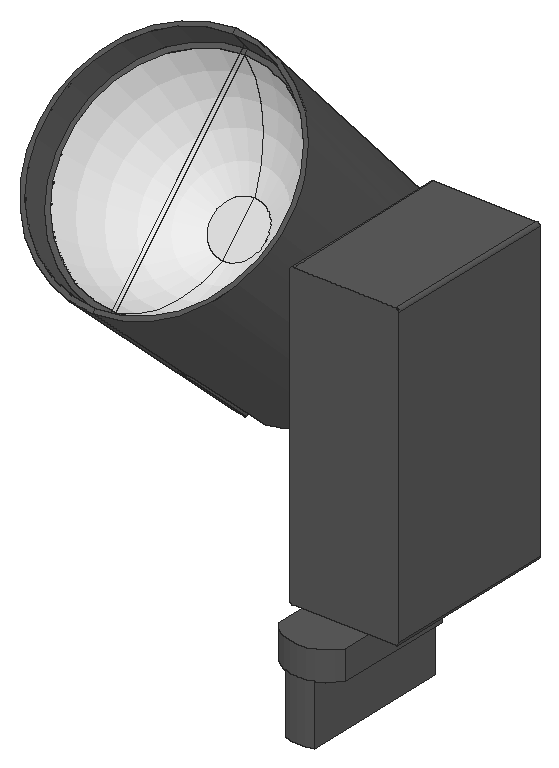
Revit family "0004856 Feilo Sylvania Lighting Fixture START TRACK SPOT L 55W 4K RA80 NB BLACK", category Lighting Fixtures, host Face, Revit 2017 (continued)
Definition of nested family "Start Track Spot Head"
  Types (96, lengths in mm): name | Wattage | built-in parameter 1150134 | Photometric Web File | Model | built-in parameter 1150105 | Lumens | built-in parameter 1150107 | built-in parameter 1150106 | HeadThickness_FEILO | HeadRibOffset_FEILO | HeadRibDepth_FEILO | HeadRibCutWidth_FEILO | HeadRibCutOffset_FEILO | HeadReflectorRadius_FEILO | HeadReflectorOffset_FEILO | HeadLEDRadius_FEILO | HeadHeight_FEILO | HeadDiffusorOffset_FEILO | HeadDiaOut_FEILO | HeadDiaIn_FEILO | HeadAxisFromTop_FEILO | Emit from Circle Diameter | built-in parameter 1150104 | Description | Apparent Load
    0004864 START TRACK SPOT S 24W 3K RA90 WB WHITE | 24 W | (empty or 0) | "0004864.ies" | "START TRACK SPOT S 24W 3K RA90 WB WHITE" | 152.79 (stored number, unit not read) | 1920 lm | 3000 (stored number, unit not read) | 1.5279 (stored number, unit not read) | 1.5 | 4.179 | 55.714 | 7.167 | 50.87 | 50.588 | 55.714 | 9.556 | 117 | 9.435 | 86 | 77.477 | 69.354 | 77.477 | 7.4322 (stored number, unit not read) | "Integrated LED spotlight, Textured White - RAL9016, compact and minimalist design, ideal for retail applications, die-cast aluminium body, passive cooling heatsink. Beam angle: 64°, color temperature: 3000K , total system power: 24W, total fixture output: 1928 lm, LOR: 100%, colour rendering: Ra: 90 typical, LED Chromaticity: 3 step MacAdam ellipse, lifetime: >50000 hours at L70B50, energy class: A++, A+, A, IR/UV free light source without heat radiation, operating voltage: 220-240V / 50-60Hz, drive current: 600mA, electronic driver, non-dimmable, power factor: 0.95, electrical protection: Class II, Global Track 3 Phase adapter suitable for Global trac 3-circuit tracks, ingress protection rating: IP20, suitable for internal environment only, horizontal rotation: 355°, vertical tilt: 90°, dimensions: Ø86x140x200, weight: 0.966kg." | 24 VA
    0004863 START TRACK SPOT S 24W 3K RA90 MB WHITE | 24 W | (empty or 0) | "0004863.ies" | "START TRACK SPOT S 24W 3K RA90 MB WHITE" | 154.7 (stored number, unit not read) | 1944 lm | 3000 (stored number, unit not read) | 1.547 (stored number, unit not read) | 1.5 | 4.179 | 55.714 | 7.167 | 50.87 | 50.588 | 55.714 | 9.556 | 117 | 9.435 | 86 | 77.477 | 69.354 | 77.477 | 7.5251 (stored number, unit not read) | "Integrated LED spotlight, Textured White - RAL9016, compact and minimalist design, ideal for retail applications, die-cast aluminium body, passive cooling heatsink. Beam angle: 36°, color temperature: 3000K , total system power: 24W, total fixture output: 1944 lm, LOR: 100%, colour rendering: Ra: 90 typical, LED Chromaticity: 3 step MacAdam ellipse, lifetime: >50000 hours at L70B50, energy class: A++, A+, A, IR/UV free light source without heat radiation, operating voltage: 220-240V / 50-60Hz, drive current: 600mA, electronic driver, non-dimmable, power factor: 0.95, electrical protection: Class II, Global Track 3 Phase adapter suitable for Global trac 3-circuit tracks, ingress protection rating: IP20, suitable for internal environment only, horizontal rotation: 355°, vertical tilt: 90°, dimensions: Ø86x140x200, weight: 0.966kg." | 24 VA
    0004862 START TRACK SPOT S 24W 3K RA90 NB WHITE | 24 W | (empty or 0) | "0004862.ies" | "START TRACK SPOT S 24W 3K RA90 NB WHITE" | 158.52 (stored number, unit not read) | 1992 lm | 3000 (stored number, unit not read) | 1.5852 (stored number, unit not read) | 1.5 | 4.179 | 55.714 | 7.167 | 50.87 | 50.588 | 55.714 | 9.556 | 117 | 9.435 | 86 | 77.477 | 69.354 | 77.477 | 7.711 (stored number, unit not read) | "Integrated LED spotlight, Textured White - RAL9016, compact and minimalist design, ideal for retail applications, die-cast aluminium body, passive cooling heatsink. Beam angle: 12°, color temperature: 3000K , total system power: 24W, total fixture output: 1987 lm, LOR: 100%, colour rendering: Ra: 90 typical, LED Chromaticity: 3 step MacAdam ellipse, lifetime: >50000 hours at L70B50, energy class: A++, A+, A, IR/UV free light source without heat radiation, operating voltage: 220-240V / 50-60Hz, drive current: 600mA, electronic driver, non-dimmable, power factor: 0.95, electrical protection: Class II, Global Track 3 Phase adapter suitable for Global trac 3-circuit tracks, ingress protection rating: IP20, suitable for internal environment only, horizontal rotation: 355°, vertical tilt: 90°, dimensions: Ø86x140x200, weight: 0.966kg." | 24 VA
    0004861 START TRACK SPOT S 14W 3K RA90 WB WHITE | 14 W | (empty or 0) | "0004861.ies" | "START TRACK SPOT S 14W 3K RA90 WB WHITE" | 100.27 (stored number, unit not read) | 1260 lm | 3000 (stored number, unit not read) | 1.0027 (stored number, unit not read) | 1.5 | 4.179 | 55.714 | 7.167 | 50.87 | 50.588 | 55.714 | 9.556 | 117 | 9.435 | 86 | 77.477 | 69.354 | 77.477 | 8.3613 (stored number, unit not read) | "Integrated LED spotlight, Textured White - RAL9016, compact and minimalist design, ideal for retail applications, die-cast aluminium body, passive cooling heatsink. Beam angle: 64°, color temperature: 3000K , total system power: 14W, total fixture output: 1262 lm, LOR: 100%, colour rendering: Ra: 90 typical, LED Chromaticity: 3 step MacAdam ellipse, lifetime: >50000 hours at L70B50, energy class: A++, A+, A, IR/UV free light source without heat radiation, operating voltage: 220-240V / 50-60Hz, drive current: 350mA, electronic driver, non-dimmable, power factor: 0.92, electrical protection: Class II, Global Track 3 Phase adapter suitable for Global trac 3-circuit tracks, ingress protection rating: IP20, suitable for internal environment only, horizontal rotation: 355°, vertical tilt: 90°, dimensions: Ø86x140x200, weight: 0.940kg." | 14 VA
    0004860 START TRACK SPOT S 14W 3K RA90 MB WHITE | 14 W | (empty or 0) | "0004860.ies" | "START TRACK SPOT S 14W 3K RA90 MB WHITE" | 100.27 (stored number, unit not read) | 1260 lm | 3000 (stored number, unit not read) | 1.0027 (stored number, unit not read) | 1.5 | 4.179 | 55.714 | 7.167 | 50.87 | 50.588 | 55.714 | 9.556 | 117 | 9.435 | 86 | 77.477 | 69.354 | 77.477 | 8.3613 (stored number, unit not read) | "Integrated LED spotlight, Textured White - RAL9016, compact and minimalist design, ideal for retail applications, die-cast aluminium body, passive cooling heatsink. Beam angle: 36°, color temperature: 3000K , total system power: 14W, total fixture output: 1262 lm, LOR: 100%, colour rendering: Ra: 90 typical, LED Chromaticity: 3 step MacAdam ellipse, lifetime: >50000 hours at L70B50, energy class: A++, A+, A, IR/UV free light source without heat radiation, operating voltage: 220-240V / 50-60Hz, drive current: 350mA, electronic driver, non-dimmable, power factor: 0.92, electrical protection: Class II, Global Track 3 Phase adapter suitable for Global trac 3-circuit tracks, ingress protection rating: IP20, suitable for internal environment only, horizontal rotation: 355°, vertical tilt: 90°, dimensions: Ø86x140x200, weight: 0.940kg." | 14 VA
    0004859 START TRACK SPOT S 14W 3K RA90 NB WHITE | 14 W | (empty or 0) | "0004859.ies" | "START TRACK SPOT S 14W 3K RA90 NB WHITE" | 102.5 (stored number, unit not read) | 1288 lm | 3000 (stored number, unit not read) | 1.025 (stored number, unit not read) | 1.5 | 4.179 | 55.714 | 7.167 | 50.87 | 50.588 | 55.714 | 9.556 | 117 | 9.435 | 86 | 77.477 | 69.354 | 77.477 | 8.5471 (stored number, unit not read) | "Integrated LED spotlight, Textured White - RAL9016, compact and minimalist design, ideal for retail applications, die-cast aluminium body, passive cooling heatsink. Beam angle: 12°, color temperature: 3000K , total system power: 14W, total fixture output: 1284 lm, LOR: 100%, colour rendering: Ra: 90 typical, LED Chromaticity: 3 step MacAdam ellipse, lifetime: >50000 hours at L70B50, energy class: A++, A+, A, IR/UV free light source without heat radiation, operating voltage: 220-240V / 50-60Hz, drive current: 350mA, electronic driver, non-dimmable, power factor: 0.92, electrical protection: Class II, Global Track 3 Phase adapter suitable for Global trac 3-circuit tracks, ingress protection rating: IP20, suitable for internal environment only, horizontal rotation: 355°, vertical tilt: 90°, dimensions: Ø86x140x200, weight: 0.940kg." | 14 VA
    0004858 START TRACK SPOT L 55W 4K RA80 WB BLACK | 55 W | 12 | "0004858.ies" | "START TRACK SPOT L 55W 4K RA80 WB BLACK" | 424.55 (stored number, unit not read) | 5335 lm | 4000 (stored number, unit not read) | 4.2455 (stored number, unit not read) | 2 | 4.429 | 59.048 | 9.417 | 53.913 | 66.471 | 59.048 | 12.556 | 124 | 10 | 113 | 101.802 | 73.503 | 101.802 | 9.0116 (stored number, unit not read) | "Integrated LED spotlight, Textured Black - RAL9005, compact and minimalist design, ideal for retail applications, die-cast aluminium body, passive cooling heatsink. Beam angle: 52°, color temperature: 4000K , total system power: 55W, total fixture output: 5320 lm, LOR: 100%, colour rendering: Ra: 80 typical, LED Chromaticity: 3 step MacAdam ellipse, lifetime: >50000 hours at L70B50, energy class: A++, A+, A, IR/UV free light source without heat radiation, operating voltage: 220-240V / 50-60Hz, drive current: 1400mA, electronic driver, non-dimmable, power factor: 0.96, electrical protection: Class II, Global Track 3 Phase adapter suitable for Global trac 3-circuit tracks, ingress protection rating: IP20, suitable for internal environment only, horizontal rotation: 355°, vertical tilt: 90°, dimensions: Ø113x164x240, weight: 1.398kg." | 55 VA
    0004857 START TRACK SPOT L 55W 4K RA80 MB BLACK | 55 W | 12 | "0004857.ies" | "START TRACK SPOT L 55W 4K RA80 MB BLACK" | 428.92 (stored number, unit not read) | 5390 lm | 4000 (stored number, unit not read) | 4.2892 (stored number, unit not read) | 2 | 4.429 | 59.048 | 9.417 | 53.913 | 66.471 | 59.048 | 12.556 | 124 | 10 | 113 | 101.802 | 73.503 | 101.802 | 9.1045 (stored number, unit not read) | "Integrated LED spotlight, Textured Black - RAL9005, compact and minimalist design, ideal for retail applications, die-cast aluminium body, passive cooling heatsink. Beam angle: 38°, color temperature: 4000K , total system power: 55W, total fixture output: 5378 lm, LOR: 100%, colour rendering: Ra: 80 typical, LED Chromaticity: 3 step MacAdam ellipse, lifetime: >50000 hours at L70B50, energy class: A++, A+, A, IR/UV free light source without heat radiation, operating voltage: 220-240V / 50-60Hz, drive current: 1400mA, electronic driver, non-dimmable, power factor: 0.96, electrical protection: Class II, Global Track 3 Phase adapter suitable for Global trac 3-circuit tracks, ingress protection rating: IP20, suitable for internal environment only, horizontal rotation: 355°, vertical tilt: 90°, dimensions: Ø113x164x240, weight: 1.398kg." | 55 VA
    0004856 START TRACK SPOT L 55W 4K RA80 NB BLACK | 55 W | 12 | "0004856.ies" | "START TRACK SPOT L 55W 4K RA80 NB BLACK" | 433.3 (stored number, unit not read) | 5445 lm | 4000 (stored number, unit not read) | 4.333 (stored number, unit not read) | 2 | 4.429 | 59.048 | 9.417 | 53.913 | 66.471 | 59.048 | 12.556 | 124 | 10 | 113 | 101.802 | 73.503 | 101.802 | 9.1974 (stored number, unit not read) | "Integrated LED spotlight, Textured Black - RAL9005, compact and minimalist design, ideal for retail applications, die-cast aluminium body, passive cooling heatsink. Beam angle: 15°, color temperature: 4000K , total system power: 55W, total fixture output: 5426 lm, LOR: 100%, colour rendering: Ra: 80 typical, LED Chromaticity: 3 step MacAdam ellipse, lifetime: >50000 hours at L70B50, energy class: A++, A+, A, IR/UV free light source without heat radiation, operating voltage: 220-240V / 50-60Hz, drive current: 1400mA, electronic driver, non-dimmable, power factor: 0.96, electrical protection: Class II, Global Track 3 Phase adapter suitable for Global trac 3-circuit tracks, ingress protection rating: IP20, suitable for internal environment only, horizontal rotation: 355°, vertical tilt: 90°, dimensions: Ø113x164x240, weight: 1.398kg." | 55 VA
    0004855 START TRACK SPOT L 35W 4K RA80 WB BLACK | 35 W | 12 | "0004855.ies" | "START TRACK SPOT L 35W 4K RA80 WB BLACK" | 320.3 (stored number, unit not read) | 4025 lm | 4000 (stored number, unit not read) | 3.203 (stored number, unit not read) | 2 | 4.429 | 59.048 | 9.417 | 53.913 | 66.471 | 59.048 | 12.556 | 124 | 10 | 113 | 101.802 | 73.503 | 101.802 | 10.684 (stored number, unit not read) | "Integrated LED spotlight, Textured Black - RAL9005, compact and minimalist design, ideal for retail applications, die-cast aluminium body, passive cooling heatsink. Beam angle: 52°, color temperature: 4000K , total system power: 35W, total fixture output: 4010 lm, LOR: 100%, colour rendering: Ra: 80 typical, LED Chromaticity: 3 step MacAdam ellipse, lifetime: >50000 hours at L70B50, energy class: A++, A+, A, IR/UV free light source without heat radiation, operating voltage: 220-240V / 50-60Hz, drive current: 900mA, electronic driver, non-dimmable, power factor: 0.93, electrical protection: Class II, Global Track 3 Phase adapter suitable for Global trac 3-circuit tracks, ingress protection rating: IP20, suitable for internal environment only, horizontal rotation: 355°, vertical tilt: 90°, dimensions: Ø113x164x240, weight: 1.368kg." | 35 VA
    0004854 START TRACK SPOT L 35W 4K RA80 MB BLACK | 35 W | 12 | "0004854.ies" | "START TRACK SPOT L 35W 4K RA80 MB BLACK" | 320.3 (stored number, unit not read) | 4025 lm | 4000 (stored number, unit not read) | 3.203 (stored number, unit not read) | 2 | 4.429 | 59.048 | 9.417 | 53.913 | 66.471 | 59.048 | 12.556 | 124 | 10 | 113 | 101.802 | 73.503 | 101.802 | 10.684 (stored number, unit not read) | "Integrated LED spotlight, Textured Black - RAL9005, compact and minimalist design, ideal for retail applications, die-cast aluminium body, passive cooling heatsink. Beam angle: 38°, color temperature: 4000K , total system power: 35W, total fixture output: 4017 lm, LOR: 100%, colour rendering: Ra: 80 typical, LED Chromaticity: 3 step MacAdam ellipse, lifetime: >50000 hours at L70B50, energy class: A++, A+, A, IR/UV free light source without heat radiation, operating voltage: 220-240V / 50-60Hz, drive current: 900mA, electronic driver, non-dimmable, power factor: 0.93, electrical protection: Class II, Global Track 3 Phase adapter suitable for Global trac 3-circuit tracks, ingress protection rating: IP20, suitable for internal environment only, horizontal rotation: 355°, vertical tilt: 90°, dimensions: Ø113x164x240, weight: 1.368kg." | 35 VA
    0004853 START TRACK SPOT L 35W 4K RA80 NB BLACK | 35 W | 12 | "0004853.ies" | "START TRACK SPOT L 35W 4K RA80 NB BLACK" | 331.44 (stored number, unit not read) | 4165 lm | 4000 (stored number, unit not read) | 3.3144 (stored number, unit not read) | 2 | 4.429 | 59.048 | 9.417 | 53.913 | 66.471 | 59.048 | 12.556 | 124 | 10 | 113 | 101.802 | 73.503 | 101.802 | 11.055 (stored number, unit not read) | "Integrated LED spotlight, Textured Black - RAL9005, compact and minimalist design, ideal for retail applications, die-cast aluminium body, passive cooling heatsink. Beam angle: 15°, color temperature: 4000K , total system power: 35W, total fixture output: 4174 lm, LOR: 100%, colour rendering: Ra: 80 typical, LED Chromaticity: 3 step MacAdam ellipse, lifetime: >50000 hours at L70B50, energy class: A++, A+, A, IR/UV free light source without heat radiation, operating voltage: 220-240V / 50-60Hz, drive current: 900mA, electronic driver, non-dimmable, power factor: 0.93, electrical protection: Class II, Global Track 3 Phase adapter suitable for Global trac 3-circuit tracks, ingress protection rating: IP20, suitable for internal environment only, horizontal rotation: 355°, vertical tilt: 90°, dimensions: Ø113x164x240, weight: 1.368kg." | 35 VA
    0004852 START TRACK SPOT S 24W 4K RA80 WB BLACK | 24 W | 12 | "0004852.ies" | "START TRACK SPOT S 24W 4K RA80 WB BLACK" | 196.72 (stored number, unit not read) | 2472 lm | 4000 (stored number, unit not read) | 1.9672 (stored number, unit not read) | 1.5 | 4.179 | 55.714 | 7.167 | 50.87 | 50.588 | 55.714 | 9.556 | 117 | 9.435 | 86 | 77.477 | 69.354 | 77.477 | 9.569 (stored number, unit not read) | "Integrated LED spotlight, Textured Black - RAL9005, compact and minimalist design, ideal for retail applications, die-cast aluminium body, passive cooling heatsink. Beam angle: 64°, color temperature: 4000K , total system power: 24W, total fixture output: 2476 lm, LOR: 100%, colour rendering: Ra: 80 typical, LED Chromaticity: 3 step MacAdam ellipse, lifetime: >50000 hours at L70B50, energy class: A++, A+, A, IR/UV free light source without heat radiation, operating voltage: 220-240V / 50-60Hz, drive current: 600mA, electronic driver, non-dimmable, power factor: 0.95, electrical protection: Class II, Global Track 3 Phase adapter suitable for Global trac 3-circuit tracks, ingress protection rating: IP20, suitable for internal environment only, horizontal rotation: 355°, vertical tilt: 90°, dimensions: Ø86x140x200, weight: 0.966kg." | 24 VA
    0004851 START TRACK SPOT S 24W 4K RA80 MB BLACK | 24 W | 12 | "0004851.ies" | "START TRACK SPOT S 24W 4K RA80 MB BLACK" | 198.63 (stored number, unit not read) | 2496 lm | 4000 (stored number, unit not read) | 1.9863 (stored number, unit not read) | 1.5 | 4.179 | 55.714 | 7.167 | 50.87 | 50.588 | 55.714 | 9.556 | 117 | 9.435 | 86 | 77.477 | 69.354 | 77.477 | 9.6619 (stored number, unit not read) | "Integrated LED spotlight, Textured Black - RAL9005, compact and minimalist design, ideal for retail applications, die-cast aluminium body, passive cooling heatsink. Beam angle: 36°, color temperature: 4000K , total system power: 24W, total fixture output: 2487 lm, LOR: 100%, colour rendering: Ra: 80 typical, LED Chromaticity: 3 step MacAdam ellipse, lifetime: >50000 hours at L70B50, energy class: A++, A+, A, IR/UV free light source without heat radiation, operating voltage: 220-240V / 50-60Hz, drive current: 600mA, electronic driver, non-dimmable, power factor: 0.95, electrical protection: Class II, Global Track 3 Phase adapter suitable for Global trac 3-circuit tracks, ingress protection rating: IP20, suitable for internal environment only, horizontal rotation: 355°, vertical tilt: 90°, dimensions: Ø86x140x200, weight: 0.966kg." | 24 VA
    0004850 START TRACK SPOT S 24W 4K RA80 NB BLACK | 24 W | 12 | "0004850.ies" | "START TRACK SPOT S 24W 4K RA80 NB BLACK" | 200.54 (stored number, unit not read) | 2520 lm | 4000 (stored number, unit not read) | 2.0054 (stored number, unit not read) | 1.5 | 4.179 | 55.714 | 7.167 | 50.87 | 50.588 | 55.714 | 9.556 | 117 | 9.435 | 86 | 77.477 | 69.354 | 77.477 | 9.7548 (stored number, unit not read) | "Integrated LED spotlight, Textured Black - RAL9005, compact and minimalist design, ideal for retail applications, die-cast aluminium body, passive cooling heatsink. Beam angle: 12°, color temperature: 4000K , total system power: 24W, total fixture output: 2529 lm, LOR: 100%, colour rendering: Ra: 80 typical, LED Chromaticity: 3 step MacAdam ellipse, lifetime: >50000 hours at L70B50, energy class: A++, A+, A, IR/UV free light source without heat radiation, operating voltage: 220-240V / 50-60Hz, drive current: 600mA, electronic driver, non-dimmable, power factor: 0.95, electrical protection: Class II, Global Track 3 Phase adapter suitable for Global trac 3-circuit tracks, ingress protection rating: IP20, suitable for internal environment only, horizontal rotation: 355°, vertical tilt: 90°, dimensions: Ø86x140x200, weight: 0.966kg." | 24 VA
    0004849 START TRACK SPOT S 14W 4K RA80 WB BLACK | 14 W | 12 | "0004849.ies" | "START TRACK SPOT S 14W 4K RA80 WB BLACK" | 123.66 (stored number, unit not read) | 1554 lm | 4000 (stored number, unit not read) | 1.2366 (stored number, unit not read) | 1.5 | 4.179 | 55.714 | 7.167 | 50.87 | 50.588 | 55.714 | 9.556 | 117 | 9.435 | 86 | 77.477 | 69.354 | 77.477 | 10.312 (stored number, unit not read) | "Integrated LED spotlight, Textured Black - RAL9005, compact and minimalist design, ideal for retail applications, die-cast aluminium body, passive cooling heatsink. Beam angle: 64°, color temperature: 4000K , total system power: 14W, total fixture output: 1558 lm, LOR: 100%, colour rendering: Ra: 80 typical, LED Chromaticity: 3 step MacAdam ellipse, lifetime: >50000 hours at L70B50, energy class: A++, A+, A, IR/UV free light source without heat radiation, operating voltage: 220-240V / 50-60Hz, drive current: 350mA, electronic driver, non-dimmable, power factor: 0.92, electrical protection: Class II, Global Track 3 Phase adapter suitable for Global trac 3-circuit tracks, ingress protection rating: IP20, suitable for internal environment only, horizontal rotation: 355°, vertical tilt: 90°, dimensions: Ø86x140x200, weight: 0.940kg." | 14 VA
    0004848 START TRACK SPOT S 14W 4K RA80 MB BLACK | 14 W | 12 | "0004848.ies" | "START TRACK SPOT S 14W 4K RA80 MB BLACK" | 127.01 (stored number, unit not read) | 1596 lm | 4000 (stored number, unit not read) | 1.2701 (stored number, unit not read) | 1.5 | 4.179 | 55.714 | 7.167 | 50.87 | 50.588 | 55.714 | 9.556 | 117 | 9.435 | 86 | 77.477 | 69.354 | 77.477 | 10.591 (stored number, unit not read) | "Integrated LED spotlight, Textured Black - RAL9005, compact and minimalist design, ideal for retail applications, die-cast aluminium body, passive cooling heatsink. Beam angle: 36°, color temperature: 4000K , total system power: 14W, total fixture output: 1598 lm, LOR: 100%, colour rendering: Ra: 80 typical, LED Chromaticity: 3 step MacAdam ellipse, lifetime: >50000 hours at L70B50, energy class: A++, A+, A, IR/UV free light source without heat radiation, operating voltage: 220-240V / 50-60Hz, drive current: 350mA, electronic driver, non-dimmable, power factor: 0.92, electrical protection: Class II, Global Track 3 Phase adapter suitable for Global trac 3-circuit tracks, ingress protection rating: IP20, suitable for internal environment only, horizontal rotation: 355°, vertical tilt: 90°, dimensions: Ø86x140x200, weight: 0.940kg." | 14 VA
    0004847 START TRACK SPOT S 14W 4K RA80 NB BLACK | 14 W | 12 | "0004847.ies" | "START TRACK SPOT S 14W 4K RA80 NB BLACK" | 128.12 (stored number, unit not read) | 1610 lm | 4000 (stored number, unit not read) | 1.2812 (stored number, unit not read) | 1.5 | 4.179 | 55.714 | 7.167 | 50.87 | 50.588 | 55.714 | 9.556 | 117 | 9.435 | 86 | 77.477 | 69.354 | 77.477 | 10.684 (stored number, unit not read) | "Integrated LED spotlight, Textured Black - RAL9005, compact and minimalist design, ideal for retail applications, die-cast aluminium body, passive cooling heatsink. Beam angle: 12°, color temperature: 4000K , total system power: 14W, total fixture output: 1608 lm, LOR: 100%, colour rendering: Ra: 80 typical, LED Chromaticity: 3 step MacAdam ellipse, lifetime: >50000 hours at L70B50, energy class: A++, A+, A, IR/UV free light source without heat radiation, operating voltage: 220-240V / 50-60Hz, drive current: 350mA, electronic driver, non-dimmable, power factor: 0.92, electrical protection: Class II, Global Track 3 Phase adapter suitable for Global trac 3-circuit tracks, ingress protection rating: IP20, suitable for internal environment only, horizontal rotation: 355°, vertical tilt: 90°, dimensions: Ø86x140x200, weight: 0.940kg." | 14 VA
    0004846 START TRACK SPOT L 55W 3K RA80 WB BLACK | 55 W | (empty or 0) | "0004846.ies" | "START TRACK SPOT L 55W 3K RA80 WB BLACK" | 420.17 (stored number, unit not read) | 5280 lm | 3000 (stored number, unit not read) | 4.2017 (stored number, unit not read) | 2 | 4.429 | 59.048 | 9.417 | 53.913 | 66.471 | 59.048 | 12.556 | 124 | 10 | 113 | 101.802 | 73.503 | 101.802 | 8.9187 (stored number, unit not read) | "Integrated LED spotlight, Textured Black - RAL9005, compact and minimalist design, ideal for retail applications, die-cast aluminium body, passive cooling heatsink. Beam angle: 52°, color temperature: 3000K , total system power: 55W, total fixture output: 5298 lm, LOR: 100%, colour rendering: Ra: 80 typical, LED Chromaticity: 3 step MacAdam ellipse, lifetime: >50000 hours at L70B50, energy class: A++, A+, A, IR/UV free light source without heat radiation, operating voltage: 220-240V / 50-60Hz, drive current: 1400mA, electronic driver, non-dimmable, power factor: 0.96, electrical protection: Class II, Global Track 3 Phase adapter suitable for Global trac 3-circuit tracks, ingress protection rating: IP20, suitable for internal environment only, horizontal rotation: 355°, vertical tilt: 90°, dimensions: Ø113x164x240, weight: 1.398kg." | 55 VA
    0004845 START TRACK SPOT L 55W 3K RA80 MB BLACK | 55 W | (empty or 0) | "0004845.ies" | "START TRACK SPOT L 55W 3K RA80 MB BLACK" | 428.92 (stored number, unit not read) | 5390 lm | 3000 (stored number, unit not read) | 4.2892 (stored number, unit not read) | 2 | 4.429 | 59.048 | 9.417 | 53.913 | 66.471 | 59.048 | 12.556 | 124 | 10 | 113 | 101.802 | 73.503 | 101.802 | 9.1045 (stored number, unit not read) | "Integrated LED spotlight, Textured Black - RAL9005, compact and minimalist design, ideal for retail applications, die-cast aluminium body, passive cooling heatsink. Beam angle: 38°, color temperature: 3000K , total system power: 55W, total fixture output: 5381 lm, LOR: 100%, colour rendering: Ra: 80 typical, LED Chromaticity: 3 step MacAdam ellipse, lifetime: >50000 hours at L70B50, energy class: A++, A+, A, IR/UV free light source without heat radiation, operating voltage: 220-240V / 50-60Hz, drive current: 1400mA, electronic driver, non-dimmable, power factor: 0.96, electrical protection: Class II, Global Track 3 Phase adapter suitable for Global trac 3-circuit tracks, ingress protection rating: IP20, suitable for internal environment only, horizontal rotation: 355°, vertical tilt: 90°, dimensions: Ø113x164x240, weight: 1.398kg." | 55 VA
    0004844 START TRACK SPOT L 55W 3K RA80 NB BLACK | 55 W | (empty or 0) | "0004844.ies" | "START TRACK SPOT L 55W 3K RA80 NB BLACK" | 433.3 (stored number, unit not read) | 5445 lm | 3000 (stored number, unit not read) | 4.333 (stored number, unit not read) | 2 | 4.429 | 59.048 | 9.417 | 53.913 | 66.471 | 59.048 | 12.556 | 124 | 10 | 113 | 101.802 | 73.503 | 101.802 | 9.1974 (stored number, unit not read) | "Integrated LED spotlight, Textured Black - RAL9005, compact and minimalist design, ideal for retail applications, die-cast aluminium body, passive cooling heatsink. Beam angle: 15°, color temperature: 3000K , total system power: 55W, total fixture output: 5449 lm, LOR: 100%, colour rendering: Ra: 80 typical, LED Chromaticity: 3 step MacAdam ellipse, lifetime: >50000 hours at L70B50, energy class: A++, A+, A, IR/UV free light source without heat radiation, operating voltage: 220-240V / 50-60Hz, drive current: 1400mA, electronic driver, non-dimmable, power factor: 0.96, electrical protection: Class II, Global Track 3 Phase adapter suitable for Global trac 3-circuit tracks, ingress protection rating: IP20, suitable for internal environment only, horizontal rotation: 355°, vertical tilt: 90°, dimensions: Ø113x164x240, weight: 1.398kg." | 55 VA
    0004843 START TRACK SPOT L 35W 3K RA80 WB BLACK | 35 W | (empty or 0) | "0004843.ies" | "START TRACK SPOT L 35W 3K RA80 WB BLACK" | 314.73 (stored number, unit not read) | 3955 lm | 3000 (stored number, unit not read) | 3.1473 (stored number, unit not read) | 2 | 4.429 | 59.048 | 9.417 | 53.913 | 66.471 | 59.048 | 12.556 | 124 | 10 | 113 | 101.802 | 73.503 | 101.802 | 10.498 (stored number, unit not read) | "Integrated LED spotlight, Textured Black - RAL9005, compact and minimalist design, ideal for retail applications, die-cast aluminium body, passive cooling heatsink. Beam angle: 52°, color temperature: 3000K , total system power: 35W, total fixture output: 3943 lm, LOR: 100%, colour rendering: Ra: 80 typical, LED Chromaticity: 3 step MacAdam ellipse, lifetime: >50000 hours at L70B50, energy class: A++, A+, A, IR/UV free light source without heat radiation, operating voltage: 220-240V / 50-60Hz, drive current: 900mA, electronic driver, non-dimmable, power factor: 0.93, electrical protection: Class II, Global Track 3 Phase adapter suitable for Global trac 3-circuit tracks, ingress protection rating: IP20, suitable for internal environment only, horizontal rotation: 355°, vertical tilt: 90°, dimensions: Ø113x164x240, weight: 1.368kg." | 35 VA
    0004842 START TRACK SPOT L 35W 3K RA80 MB BLACK | 35 W | (empty or 0) | "0004842.ies" | "START TRACK SPOT L 35W 3K RA80 MB BLACK" | 320.3 (stored number, unit not read) | 4025 lm | 3000 (stored number, unit not read) | 3.203 (stored number, unit not read) | 2 | 4.429 | 59.048 | 9.417 | 53.913 | 66.471 | 59.048 | 12.556 | 124 | 10 | 113 | 101.802 | 73.503 | 101.802 | 10.684 (stored number, unit not read) | "Integrated LED spotlight, Textured Black - RAL9005, compact and minimalist design, ideal for retail applications, die-cast aluminium body, passive cooling heatsink. Beam angle: 38°, color temperature: 3000K , total system power: 35W, total fixture output: 4008 lm, LOR: 100%, colour rendering: Ra: 80 typical, LED Chromaticity: 3 step MacAdam ellipse, lifetime: >50000 hours at L70B50, energy class: A++, A+, A, IR/UV free light source without heat radiation, operating voltage: 220-240V / 50-60Hz, drive current: 900mA, electronic driver, non-dimmable, power factor: 0.93, electrical protection: Class II, Global Track 3 Phase adapter suitable for Global trac 3-circuit tracks, ingress protection rating: IP20, suitable for internal environment only, horizontal rotation: 355°, vertical tilt: 90°, dimensions: Ø113x164x240, weight: 1.368kg." | 35 VA
    0004841 START TRACK SPOT L 35W 3K RA80 NB BLACK | 35 W | (empty or 0) | "0004841.ies" | "START TRACK SPOT L 35W 3K RA80 NB BLACK" | 317.51 (stored number, unit not read) | 3990 lm | 3000 (stored number, unit not read) | 3.1751 (stored number, unit not read) | 2 | 4.429 | 59.048 | 9.417 | 53.913 | 66.471 | 59.048 | 12.556 | 124 | 10 | 113 | 101.802 | 73.503 | 101.802 | 10.591 (stored number, unit not read) | "Integrated LED spotlight, Textured Black - RAL9005, compact and minimalist design, ideal for retail applications, die-cast aluminium body, passive cooling heatsink. Beam angle: 15°, color temperature: 3000K , total system power: 35W, total fixture output: 4005 lm, LOR: 100%, colour rendering: Ra: 80 typical, LED Chromaticity: 3 step MacAdam ellipse, lifetime: >50000 hours at L70B50, energy class: A++, A+, A, IR/UV free light source without heat radiation, operating voltage: 220-240V / 50-60Hz, drive current: 900mA, electronic driver, non-dimmable, power factor: 0.93, electrical protection: Class II, Global Track 3 Phase adapter suitable for Global trac 3-circuit tracks, ingress protection rating: IP20, suitable for internal environment only, horizontal rotation: 355°, vertical tilt: 90°, dimensions: Ø113x164x240, weight: 1.368kg." | 35 VA
    0004840 START TRACK SPOT S 24W 3K RA80 WB BLACK | 24 W | (empty or 0) | "0004840.ies" | "START TRACK SPOT S 24W 3K RA80 WB BLACK" | 185.26 (stored number, unit not read) | 2328 lm | 3000 (stored number, unit not read) | 1.8526 (stored number, unit not read) | 1.5 | 4.179 | 55.714 | 7.167 | 50.87 | 50.588 | 55.714 | 9.556 | 117 | 9.435 | 86 | 77.477 | 69.354 | 77.477 | 9.0116 (stored number, unit not read) | "Integrated LED spotlight, Textured Black - RAL9005, compact and minimalist design, ideal for retail applications, die-cast aluminium body, passive cooling heatsink. Beam angle: 64°, color temperature: 3000K , total system power: 24W, total fixture output: 2318 lm, LOR: 100%, colour rendering: Ra: 80 typical, LED Chromaticity: 3 step MacAdam ellipse, lifetime: >50000 hours at L70B50, energy class: A++, A+, A, IR/UV free light source without heat radiation, operating voltage: 220-240V / 50-60Hz, drive current: 600mA, electronic driver, non-dimmable, power factor: 0.95, electrical protection: Class II, Global Track 3 Phase adapter suitable for Global trac 3-circuit tracks, ingress protection rating: IP20, suitable for internal environment only, horizontal rotation: 355°, vertical tilt: 90°, dimensions: Ø86x140x200, weight: 0.966kg." | 24 VA
    0004839 START TRACK SPOT S 24W 3K RA80 MB BLACK | 24 W | (empty or 0) | "0004839.ies" | "START TRACK SPOT S 24W 3K RA80 MB BLACK" | 183.35 (stored number, unit not read) | 2304 lm | 3000 (stored number, unit not read) | 1.8335 (stored number, unit not read) | 1.5 | 4.179 | 55.714 | 7.167 | 50.87 | 50.588 | 55.714 | 9.556 | 117 | 9.435 | 86 | 77.477 | 69.354 | 77.477 | 8.9187 (stored number, unit not read) | "Integrated LED spotlight, Textured Black - RAL9005, compact and minimalist design, ideal for retail applications, die-cast aluminium body, passive cooling heatsink. Beam angle: 36°, color temperature: 3000K , total system power: 24W, total fixture output: 2314 lm, LOR: 100%, colour rendering: Ra: 80 typical, LED Chromaticity: 3 step MacAdam ellipse, lifetime: >50000 hours at L70B50, energy class: A++, A+, A, IR/UV free light source without heat radiation, operating voltage: 220-240V / 50-60Hz, drive current: 600mA, electronic driver, non-dimmable, power factor: 0.95, electrical protection: Class II, Global Track 3 Phase adapter suitable for Global trac 3-circuit tracks, ingress protection rating: IP20, suitable for internal environment only, horizontal rotation: 355°, vertical tilt: 90°, dimensions: Ø86x140x200, weight: 0.966kg." | 24 VA
    0004838 START TRACK SPOT S 24W 3K RA80 NB BLACK | 24 W | (empty or 0) | "0004838.ies" | "START TRACK SPOT S 24W 3K RA80 NB BLACK" | 185.26 (stored number, unit not read) | 2328 lm | 3000 (stored number, unit not read) | 1.8526 (stored number, unit not read) | 1.5 | 4.179 | 55.714 | 7.167 | 50.87 | 50.588 | 55.714 | 9.556 | 117 | 9.435 | 86 | 77.477 | 69.354 | 77.477 | 9.0116 (stored number, unit not read) | "Integrated LED spotlight, Textured Black - RAL9005, compact and minimalist design, ideal for retail applications, die-cast aluminium body, passive cooling heatsink. Beam angle: 12°, color temperature: 3000K , total system power: 24W, total fixture output: 2334 lm, LOR: 100%, colour rendering: Ra: 80 typical, LED Chromaticity: 3 step MacAdam ellipse, lifetime: >50000 hours at L70B50, energy class: A++, A+, A, IR/UV free light source without heat radiation, operating voltage: 220-240V / 50-60Hz, drive current: 600mA, electronic driver, non-dimmable, power factor: 0.95, electrical protection: Class II, Global Track 3 Phase adapter suitable for Global trac 3-circuit tracks, ingress protection rating: IP20, suitable for internal environment only, horizontal rotation: 355°, vertical tilt: 90°, dimensions: Ø86x140x200, weight: 0.966kg." | 24 VA
    0004837 START TRACK SPOT S 14W 3K RA80 WB BLACK | 14 W | (empty or 0) | "0004837.ies" | "START TRACK SPOT S 14W 3K RA80 WB BLACK" | 119.21 (stored number, unit not read) | 1498 lm | 3000 (stored number, unit not read) | 1.1921 (stored number, unit not read) | 1.5 | 4.179 | 55.714 | 7.167 | 50.87 | 50.588 | 55.714 | 9.556 | 117 | 9.435 | 86 | 77.477 | 69.354 | 77.477 | 9.9406 (stored number, unit not read) | "Integrated LED spotlight, Textured Black - RAL9005, compact and minimalist design, ideal for retail applications, die-cast aluminium body, passive cooling heatsink. Beam angle: 64°, color temperature: 3000K , total system power: 14W, total fixture output: 1498 lm, LOR: 100%, colour rendering: Ra: 80 typical, LED Chromaticity: 3 step MacAdam ellipse, lifetime: >50000 hours at L70B50, energy class: A++, A+, A, IR/UV free light source without heat radiation, operating voltage: 220-240V / 50-60Hz, drive current: 350mA, electronic driver, non-dimmable, power factor: 0.92, electrical protection: Class II, Global Track 3 Phase adapter suitable for Global trac 3-circuit tracks, ingress protection rating: IP20, suitable for internal environment only, horizontal rotation: 355°, vertical tilt: 90°, dimensions: Ø86x140x200, weight: 0.940kg." | 14 VA
    0004836 START TRACK SPOT S 14W 3K RA80 MB BLACK | 14 W | (empty or 0) | "0004836.ies" | "START TRACK SPOT S 14W 3K RA80 MB BLACK" | 120.32 (stored number, unit not read) | 1512 lm | 3000 (stored number, unit not read) | 1.2032 (stored number, unit not read) | 1.5 | 4.179 | 55.714 | 7.167 | 50.87 | 50.588 | 55.714 | 9.556 | 117 | 9.435 | 86 | 77.477 | 69.354 | 77.477 | 10.034 (stored number, unit not read) | "Integrated LED spotlight, Textured Black - RAL9005, compact and minimalist design, ideal for retail applications, die-cast aluminium body, passive cooling heatsink. Beam angle: 36°, color temperature: 3000K , total system power: 14W, total fixture output: 1508 lm, LOR: 100%, colour rendering: Ra: 80 typical, LED Chromaticity: 3 step MacAdam ellipse, lifetime: >50000 hours at L70B50, energy class: A++, A+, A, IR/UV free light source without heat radiation, operating voltage: 220-240V / 50-60Hz, drive current: 350mA, electronic driver, non-dimmable, power factor: 0.92, electrical protection: Class II, Global Track 3 Phase adapter suitable for Global trac 3-circuit tracks, ingress protection rating: IP20, suitable for internal environment only, horizontal rotation: 355°, vertical tilt: 90°, dimensions: Ø86x140x200, weight: 0.940kg." | 14 VA
    0004835 START TRACK SPOT S 14W 3K RA80 NB BLACK | 14 W | (empty or 0) | "0004835.ies" | "START TRACK SPOT S 14W 3K RA80 NB BLACK" | 123.66 (stored number, unit not read) | 1554 lm | 3000 (stored number, unit not read) | 1.2366 (stored number, unit not read) | 1.5 | 4.179 | 55.714 | 7.167 | 50.87 | 50.588 | 55.714 | 9.556 | 117 | 9.435 | 86 | 77.477 | 69.354 | 77.477 | 10.312 (stored number, unit not read) | "Integrated LED spotlight, Textured Black - RAL9005, compact and minimalist design, ideal for retail applications, die-cast aluminium body, passive cooling heatsink. Beam angle: 12°, color temperature: 3000K , total system power: 14W, total fixture output: 1551 lm, LOR: 100%, colour rendering: Ra: 80 typical, LED Chromaticity: 3 step MacAdam ellipse, lifetime: >50000 hours at L70B50, energy class: A++, A+, A, IR/UV free light source without heat radiation, operating voltage: 220-240V / 50-60Hz, drive current: 350mA, electronic driver, non-dimmable, power factor: 0.92, electrical protection: Class II, Global Track 3 Phase adapter suitable for Global trac 3-circuit tracks, ingress protection rating: IP20, suitable for internal environment only, horizontal rotation: 355°, vertical tilt: 90°, dimensions: Ø86x140x200, weight: 0.940kg." | 14 VA
    0004834 START TRACK SPOT L 55W 4K RA80 WB WHITE | 55 W | 12 | "0004834.ies" | "START TRACK SPOT L 55W 4K RA80 WB WHITE" | 424.55 (stored number, unit not read) | 5335 lm | 4000 (stored number, unit not read) | 4.2455 (stored number, unit not read) | 2 | 4.429 | 59.048 | 9.417 | 53.913 | 66.471 | 59.048 | 12.556 | 124 | 10 | 113 | 101.802 | 73.503 | 101.802 | 9.0116 (stored number, unit not read) | "Integrated LED spotlight, Textured White - RAL9016, compact and minimalist design, ideal for retail applications, die-cast aluminium body, passive cooling heatsink. Beam angle: 52°, color temperature: 4000K , total system power: 55W, total fixture output: 5320 lm, LOR: 100%, colour rendering: Ra: 80 typical, LED Chromaticity: 3 step MacAdam ellipse, lifetime: >50000 hours at L70B50, energy class: A++, A+, A, IR/UV free light source without heat radiation, operating voltage: 220-240V / 50-60Hz, drive current: 1400mA, electronic driver, non-dimmable, power factor: 0.96, electrical protection: Class II, Global Track 3 Phase adapter suitable for Global trac 3-circuit tracks, ingress protection rating: IP20, suitable for internal environment only, horizontal rotation: 355°, vertical tilt: 90°, dimensions: Ø113x164x240, weight: 1.398kg." | 55 VA
    0004833 START TRACK SPOT L 55W 4K RA80 MB WHITE | 55 W | 12 | "0004833.ies" | "START TRACK SPOT L 55W 4K RA80 MB WHITE" | 428.92 (stored number, unit not read) | 5390 lm | 4000 (stored number, unit not read) | 4.2892 (stored number, unit not read) | 2 | 4.429 | 59.048 | 9.417 | 53.913 | 66.471 | 59.048 | 12.556 | 124 | 10 | 113 | 101.802 | 73.503 | 101.802 | 9.1045 (stored number, unit not read) | "Integrated LED spotlight, Textured White - RAL9016, compact and minimalist design, ideal for retail applications, die-cast aluminium body, passive cooling heatsink. Beam angle: 38°, color temperature: 4000K , total system power: 55W, total fixture output: 5378 lm, LOR: 100%, colour rendering: Ra: 80 typical, LED Chromaticity: 3 step MacAdam ellipse, lifetime: >50000 hours at L70B50, energy class: A++, A+, A, IR/UV free light source without heat radiation, operating voltage: 220-240V / 50-60Hz, drive current: 1400mA, electronic driver, non-dimmable, power factor: 0.96, electrical protection: Class II, Global Track 3 Phase adapter suitable for Global trac 3-circuit tracks, ingress protection rating: IP20, suitable for internal environment only, horizontal rotation: 355°, vertical tilt: 90°, dimensions: Ø113x164x240, weight: 1.398kg." | 55 VA
    0004832 START TRACK SPOT L 55W 4K RA80 NB WHITE | 55 W | 12 | "0004832.ies" | "START TRACK SPOT L 55W 4K RA80 NB WHITE" | 433.3 (stored number, unit not read) | 5445 lm | 4000 (stored number, unit not read) | 4.333 (stored number, unit not read) | 2 | 4.429 | 59.048 | 9.417 | 53.913 | 66.471 | 59.048 | 12.556 | 124 | 10 | 113 | 101.802 | 73.503 | 101.802 | 9.1974 (stored number, unit not read) | "Integrated LED spotlight, Textured White - RAL9016, compact and minimalist design, ideal for retail applications, die-cast aluminium body, passive cooling heatsink. Beam angle: 15°, color temperature: 4000K , total system power: 55W, total fixture output: 5426 lm, LOR: 100%, colour rendering: Ra: 80 typical, LED Chromaticity: 3 step MacAdam ellipse, lifetime: >50000 hours at L70B50, energy class: A++, A+, A, IR/UV free light source without heat radiation, operating voltage: 220-240V / 50-60Hz, drive current: 1400mA, electronic driver, non-dimmable, power factor: 0.96, electrical protection: Class II, Global Track 3 Phase adapter suitable for Global trac 3-circuit tracks, ingress protection rating: IP20, suitable for internal environment only, horizontal rotation: 355°, vertical tilt: 90°, dimensions: Ø113x164x240, weight: 1.398kg." | 55 VA
    0004831 START TRACK SPOT L 35W 4K RA80 WB WHITE | 35 W | 12 | "0004831.ies" | "START TRACK SPOT L 35W 4K RA80 WB WHITE" | 320.3 (stored number, unit not read) | 4025 lm | 4000 (stored number, unit not read) | 3.203 (stored number, unit not read) | 2 | 4.429 | 59.048 | 9.417 | 53.913 | 66.471 | 59.048 | 12.556 | 124 | 10 | 113 | 101.802 | 73.503 | 101.802 | 10.684 (stored number, unit not read) | "Integrated LED spotlight, Textured White - RAL9016, compact and minimalist design, ideal for retail applications, die-cast aluminium body, passive cooling heatsink. Beam angle: 52°, color temperature: 4000K , total system power: 35W, total fixture output: 4010 lm, LOR: 100%, colour rendering: Ra: 80 typical, LED Chromaticity: 3 step MacAdam ellipse, lifetime: >50000 hours at L70B50, energy class: A++, A+, A, IR/UV free light source without heat radiation, operating voltage: 220-240V / 50-60Hz, drive current: 900mA, electronic driver, non-dimmable, power factor: 0.93, electrical protection: Class II, Global Track 3 Phase adapter suitable for Global trac 3-circuit tracks, ingress protection rating: IP20, suitable for internal environment only, horizontal rotation: 355°, vertical tilt: 90°, dimensions: Ø113x164x240, weight: 1.368kg." | 35 VA
    0004830 START TRACK SPOT L 35W 4K RA80 MB WHITE | 35 W | 12 | "0004830.ies" | "START TRACK SPOT L 35W 4K RA80 MB WHITE" | 320.3 (stored number, unit not read) | 4025 lm | 4000 (stored number, unit not read) | 3.203 (stored number, unit not read) | 2 | 4.429 | 59.048 | 9.417 | 53.913 | 66.471 | 59.048 | 12.556 | 124 | 10 | 113 | 101.802 | 73.503 | 101.802 | 10.684 (stored number, unit not read) | "Integrated LED spotlight, Textured White - RAL9016, compact and minimalist design, ideal for retail applications, die-cast aluminium body, passive cooling heatsink. Beam angle: 38°, color temperature: 4000K , total system power: 35W, total fixture output: 4017 lm, LOR: 100%, colour rendering: Ra: 80 typical, LED Chromaticity: 3 step MacAdam ellipse, lifetime: >50000 hours at L70B50, energy class: A++, A+, A, IR/UV free light source without heat radiation, operating voltage: 220-240V / 50-60Hz, drive current: 900mA, electronic driver, non-dimmable, power factor: 0.93, electrical protection: Class II, Global Track 3 Phase adapter suitable for Global trac 3-circuit tracks, ingress protection rating: IP20, suitable for internal environment only, horizontal rotation: 355°, vertical tilt: 90°, dimensions: Ø113x164x240, weight: 1.368kg." | 35 VA
    0004829 START TRACK SPOT L 35W 4K RA80 NB WHITE | 35 W | 12 | "0004829.ies" | "START TRACK SPOT L 35W 4K RA80 NB WHITE" | 331.44 (stored number, unit not read) | 4165 lm | 4000 (stored number, unit not read) | 3.3144 (stored number, unit not read) | 2 | 4.429 | 59.048 | 9.417 | 53.913 | 66.471 | 59.048 | 12.556 | 124 | 10 | 113 | 101.802 | 73.503 | 101.802 | 11.055 (stored number, unit not read) | "Integrated LED spotlight, Textured White - RAL9016, compact and minimalist design, ideal for retail applications, die-cast aluminium body, passive cooling heatsink. Beam angle: 15°, color temperature: 4000K , total system power: 35W, total fixture output: 4174 lm, LOR: 100%, colour rendering: Ra: 80 typical, LED Chromaticity: 3 step MacAdam ellipse, lifetime: >50000 hours at L70B50, energy class: A++, A+, A, IR/UV free light source without heat radiation, operating voltage: 220-240V / 50-60Hz, drive current: 900mA, electronic driver, non-dimmable, power factor: 0.93, electrical protection: Class II, Global Track 3 Phase adapter suitable for Global trac 3-circuit tracks, ingress protection rating: IP20, suitable for internal environment only, horizontal rotation: 355°, vertical tilt: 90°, dimensions: Ø113x164x240, weight: 1.368kg." | 35 VA
    0004828 START TRACK SPOT S 24W 4K RA80 WB WHITE | 24 W | 12 | "0004828.ies" | "START TRACK SPOT S 24W 4K RA80 WB WHITE" | 196.72 (stored number, unit not read) | 2472 lm | 4000 (stored number, unit not read) | 1.9672 (stored number, unit not read) | 1.5 | 4.179 | 55.714 | 7.167 | 50.87 | 50.588 | 55.714 | 9.556 | 117 | 9.435 | 86 | 77.477 | 69.354 | 77.477 | 9.569 (stored number, unit not read) | "Integrated LED spotlight, Textured White - RAL9016, compact and minimalist design, ideal for retail applications, die-cast aluminium body, passive cooling heatsink. Beam angle: 64°, color temperature: 4000K , total system power: 24W, total fixture output: 2476 lm, LOR: 100%, colour rendering: Ra: 80 typical, LED Chromaticity: 3 step MacAdam ellipse, lifetime: >50000 hours at L70B50, energy class: A++, A+, A, IR/UV free light source without heat radiation, operating voltage: 220-240V / 50-60Hz, drive current: 600mA, electronic driver, non-dimmable, power factor: 0.95, electrical protection: Class II, Global Track 3 Phase adapter suitable for Global trac 3-circuit tracks, ingress protection rating: IP20, suitable for internal environment only, horizontal rotation: 355°, vertical tilt: 90°, dimensions: Ø86x140x200, weight: 0.966kg." | 24 VA
    0004827 START TRACK SPOT S 24W 4K RA80 MB WHITE | 24 W | 12 | "0004827.ies" | "START TRACK SPOT S 24W 4K RA80 MB WHITE" | 198.63 (stored number, unit not read) | 2496 lm | 4000 (stored number, unit not read) | 1.9863 (stored number, unit not read) | 1.5 | 4.179 | 55.714 | 7.167 | 50.87 | 50.588 | 55.714 | 9.556 | 117 | 9.435 | 86 | 77.477 | 69.354 | 77.477 | 9.6619 (stored number, unit not read) | "Integrated LED spotlight, Textured White - RAL9016, compact and minimalist design, ideal for retail applications, die-cast aluminium body, passive cooling heatsink. Beam angle: 36°, color temperature: 4000K , total system power: 24W, total fixture output: 2487 lm, LOR: 100%, colour rendering: Ra: 80 typical, LED Chromaticity: 3 step MacAdam ellipse, lifetime: >50000 hours at L70B50, energy class: A++, A+, A, IR/UV free light source without heat radiation, operating voltage: 220-240V / 50-60Hz, drive current: 600mA, electronic driver, non-dimmable, power factor: 0.95, electrical protection: Class II, Global Track 3 Phase adapter suitable for Global trac 3-circuit tracks, ingress protection rating: IP20, suitable for internal environment only, horizontal rotation: 355°, vertical tilt: 90°, dimensions: Ø86x140x200, weight: 0.966kg." | 24 VA
    0004826 START TRACK SPOT S 24W 4K RA80 NB WHITE | 24 W | 12 | "0004826.ies" | "START TRACK SPOT S 24W 4K RA80 NB WHITE" | 200.54 (stored number, unit not read) | 2520 lm | 4000 (stored number, unit not read) | 2.0054 (stored number, unit not read) | 1.5 | 4.179 | 55.714 | 7.167 | 50.87 | 50.588 | 55.714 | 9.556 | 117 | 9.435 | 86 | 77.477 | 69.354 | 77.477 | 9.7548 (stored number, unit not read) | "Integrated LED spotlight, Textured White - RAL9016, compact and minimalist design, ideal for retail applications, die-cast aluminium body, passive cooling heatsink. Beam angle: 12°, color temperature: 4000K , total system power: 24W, total fixture output: 2529 lm, LOR: 100%, colour rendering: Ra: 80 typical, LED Chromaticity: 3 step MacAdam ellipse, lifetime: >50000 hours at L70B50, energy class: A++, A+, A, IR/UV free light source without heat radiation, operating voltage: 220-240V / 50-60Hz, drive current: 600mA, electronic driver, non-dimmable, power factor: 0.95, electrical protection: Class II, Global Track 3 Phase adapter suitable for Global trac 3-circuit tracks, ingress protection rating: IP20, suitable for internal environment only, horizontal rotation: 355°, vertical tilt: 90°, dimensions: Ø86x140x200, weight: 0.966kg." | 24 VA
    0004825 START TRACK SPOT S 14W 4K RA80 WB WHITE | 14 W | 12 | "0004825.ies" | "START TRACK SPOT S 14W 4K RA80 WB WHITE" | 123.66 (stored number, unit not read) | 1554 lm | 4000 (stored number, unit not read) | 1.2366 (stored number, unit not read) | 1.5 | 4.179 | 55.714 | 7.167 | 50.87 | 50.588 | 55.714 | 9.556 | 117 | 9.435 | 86 | 77.477 | 69.354 | 77.477 | 10.312 (stored number, unit not read) | "Integrated LED spotlight, Textured White - RAL9016, compact and minimalist design, ideal for retail applications, die-cast aluminium body, passive cooling heatsink. Beam angle: 64°, color temperature: 4000K , total system power: 14W, total fixture output: 1558 lm, LOR: 100%, colour rendering: Ra: 80 typical, LED Chromaticity: 3 step MacAdam ellipse, lifetime: >50000 hours at L70B50, energy class: A++, A+, A, IR/UV free light source without heat radiation, operating voltage: 220-240V / 50-60Hz, drive current: 350mA, electronic driver, non-dimmable, power factor: 0.92, electrical protection: Class II, Global Track 3 Phase adapter suitable for Global trac 3-circuit tracks, ingress protection rating: IP20, suitable for internal environment only, horizontal rotation: 355°, vertical tilt: 90°, dimensions: Ø86x140x200, weight: 0.940kg." | 14 VA
    0004824 START TRACK SPOT S 14W 4K RA80 MB WHITE | 14 W | 12 | "0004824.ies" | "START TRACK SPOT S 14W 4K RA80 MB WHITE" | 127.01 (stored number, unit not read) | 1596 lm | 4000 (stored number, unit not read) | 1.2701 (stored number, unit not read) | 1.5 | 4.179 | 55.714 | 7.167 | 50.87 | 50.588 | 55.714 | 9.556 | 117 | 9.435 | 86 | 77.477 | 69.354 | 77.477 | 10.591 (stored number, unit not read) | "Integrated LED spotlight, Textured White - RAL9016, compact and minimalist design, ideal for retail applications, die-cast aluminium body, passive cooling heatsink. Beam angle: 36°, color temperature: 4000K , total system power: 14W, total fixture output: 1598 lm, LOR: 100%, colour rendering: Ra: 80 typical, LED Chromaticity: 3 step MacAdam ellipse, lifetime: >50000 hours at L70B50, energy class: A++, A+, A, IR/UV free light source without heat radiation, operating voltage: 220-240V / 50-60Hz, drive current: 350mA, electronic driver, non-dimmable, power factor: 0.92, electrical protection: Class II, Global Track 3 Phase adapter suitable for Global trac 3-circuit tracks, ingress protection rating: IP20, suitable for internal environment only, horizontal rotation: 355°, vertical tilt: 90°, dimensions: Ø86x140x200, weight: 0.940kg." | 14 VA
    0004823 START TRACK SPOT S 14W 4K RA80 NB WHITE | 14 W | 12 | "0004823.ies" | "START TRACK SPOT S 14W 4K RA80 NB WHITE" | 128.12 (stored number, unit not read) | 1610 lm | 4000 (stored number, unit not read) | 1.2812 (stored number, unit not read) | 1.5 | 4.179 | 55.714 | 7.167 | 50.87 | 50.588 | 55.714 | 9.556 | 117 | 9.435 | 86 | 77.477 | 69.354 | 77.477 | 10.684 (stored number, unit not read) | "Integrated LED spotlight, Textured White - RAL9016, compact and minimalist design, ideal for retail applications, die-cast aluminium body, passive cooling heatsink. Beam angle: 12°, color temperature: 4000K , total system power: 14W, total fixture output: 1608 lm, LOR: 100%, colour rendering: Ra: 80 typical, LED Chromaticity: 3 step MacAdam ellipse, lifetime: >50000 hours at L70B50, energy class: A++, A+, A, IR/UV free light source without heat radiation, operating voltage: 220-240V / 50-60Hz, drive current: 350mA, electronic driver, non-dimmable, power factor: 0.92, electrical protection: Class II, Global Track 3 Phase adapter suitable for Global trac 3-circuit tracks, ingress protection rating: IP20, suitable for internal environment only, horizontal rotation: 355°, vertical tilt: 90°, dimensions: Ø86x140x200, weight: 0.940kg." | 14 VA
    0004822 START TRACK SPOT L 55W 3K RA80 WB WHITE | 55 W | (empty or 0) | "0004822.ies" | "START TRACK SPOT L 55W 3K RA80 WB WHITE" | 420.17 (stored number, unit not read) | 5280 lm | 3000 (stored number, unit not read) | 4.2017 (stored number, unit not read) | 2 | 4.429 | 59.048 | 9.417 | 53.913 | 66.471 | 59.048 | 12.556 | 124 | 10 | 113 | 101.802 | 73.503 | 101.802 | 8.9187 (stored number, unit not read) | "Integrated LED spotlight, Textured White - RAL9016, compact and minimalist design, ideal for retail applications, die-cast aluminium body, passive cooling heatsink. Beam angle: 52°, color temperature: 3000K , total system power: 55W, total fixture output: 5298 lm, LOR: 100%, colour rendering: Ra: 80 typical, LED Chromaticity: 3 step MacAdam ellipse, lifetime: >50000 hours at L70B50, energy class: A++, A+, A, IR/UV free light source without heat radiation, operating voltage: 220-240V / 50-60Hz, drive current: 1400mA, electronic driver, non-dimmable, power factor: 0.96, electrical protection: Class II, Global Track 3 Phase adapter suitable for Global trac 3-circuit tracks, ingress protection rating: IP20, suitable for internal environment only, horizontal rotation: 355°, vertical tilt: 90°, dimensions: Ø113x164x240, weight: 1.398kg." | 55 VA
    0004821 START TRACK SPOT L 55W 3K RA80 MB WHITE | 55 W | (empty or 0) | "0004821.ies" | "START TRACK SPOT L 55W 3K RA80 MB WHITE" | 428.92 (stored number, unit not read) | 5390 lm | 3000 (stored number, unit not read) | 4.2892 (stored number, unit not read) | 2 | 4.429 | 59.048 | 9.417 | 53.913 | 66.471 | 59.048 | 12.556 | 124 | 10 | 113 | 101.802 | 73.503 | 101.802 | 9.1045 (stored number, unit not read) | "Integrated LED spotlight, Textured White - RAL9016, compact and minimalist design, ideal for retail applications, die-cast aluminium body, passive cooling heatsink. Beam angle: 38°, color temperature: 3000K , total system power: 55W, total fixture output: 5381 lm, LOR: 100%, colour rendering: Ra: 80 typical, LED Chromaticity: 3 step MacAdam ellipse, lifetime: >50000 hours at L70B50, energy class: A++, A+, A, IR/UV free light source without heat radiation, operating voltage: 220-240V / 50-60Hz, drive current: 1400mA, electronic driver, non-dimmable, power factor: 0.96, electrical protection: Class II, Global Track 3 Phase adapter suitable for Global trac 3-circuit tracks, ingress protection rating: IP20, suitable for internal environment only, horizontal rotation: 355°, vertical tilt: 90°, dimensions: Ø113x164x240, weight: 1.398kg." | 55 VA
    0004820 START TRACK SPOT L 55W 3K RA80 NB WHITE | 55 W | (empty or 0) | "0004820.ies" | "START TRACK SPOT L 55W 3K RA80 NB WHITE" | 433.3 (stored number, unit not read) | 5445 lm | 3000 (stored number, unit not read) | 4.333 (stored number, unit not read) | 2 | 4.429 | 59.048 | 9.417 | 53.913 | 66.471 | 59.048 | 12.556 | 124 | 10 | 113 | 101.802 | 73.503 | 101.802 | 9.1974 (stored number, unit not read) | "Integrated LED spotlight, Textured White - RAL9016, compact and minimalist design, ideal for retail applications, die-cast aluminium body, passive cooling heatsink. Beam angle: 15°, color temperature: 3000K , total system power: 55W, total fixture output: 5449 lm, LOR: 100%, colour rendering: Ra: 80 typical, LED Chromaticity: 3 step MacAdam ellipse, lifetime: >50000 hours at L70B50, energy class: A++, A+, A, IR/UV free light source without heat radiation, operating voltage: 220-240V / 50-60Hz, drive current: 1400mA, electronic driver, non-dimmable, power factor: 0.96, electrical protection: Class II, Global Track 3 Phase adapter suitable for Global trac 3-circuit tracks, ingress protection rating: IP20, suitable for internal environment only, horizontal rotation: 355°, vertical tilt: 90°, dimensions: Ø113x164x240, weight: 1.398kg." | 55 VA
    0004819 START TRACK SPOT L 35W 3K RA80 WB WHITE | 35 W | (empty or 0) | "0004819.ies" | "START TRACK SPOT L 35W 3K RA80 WB WHITE" | 314.73 (stored number, unit not read) | 3955 lm | 3000 (stored number, unit not read) | 3.1473 (stored number, unit not read) | 2 | 4.429 | 59.048 | 9.417 | 53.913 | 66.471 | 59.048 | 12.556 | 124 | 10 | 113 | 101.802 | 73.503 | 101.802 | 10.498 (stored number, unit not read) | "Integrated LED spotlight, Textured White - RAL9016, compact and minimalist design, ideal for retail applications, die-cast aluminium body, passive cooling heatsink. Beam angle: 52°, color temperature: 3000K , total system power: 35W, total fixture output: 3943 lm, LOR: 100%, colour rendering: Ra: 80 typical, LED Chromaticity: 3 step MacAdam ellipse, lifetime: >50000 hours at L70B50, energy class: A++, A+, A, IR/UV free light source without heat radiation, operating voltage: 220-240V / 50-60Hz, drive current: 900mA, electronic driver, non-dimmable, power factor: 0.93, electrical protection: Class II, Global Track 3 Phase adapter suitable for Global trac 3-circuit tracks, ingress protection rating: IP20, suitable for internal environment only, horizontal rotation: 355°, vertical tilt: 90°, dimensions: Ø113x164x240, weight: 1.368kg." | 35 VA
    0004818 START TRACK SPOT L 35W 3K RA80 MB WHITE | 35 W | (empty or 0) | "0004818.ies" | "START TRACK SPOT L 35W 3K RA80 MB WHITE" | 320.3 (stored number, unit not read) | 4025 lm | 3000 (stored number, unit not read) | 3.203 (stored number, unit not read) | 2 | 4.429 | 59.048 | 9.417 | 53.913 | 66.471 | 59.048 | 12.556 | 124 | 10 | 113 | 101.802 | 73.503 | 101.802 | 10.684 (stored number, unit not read) | "Integrated LED spotlight, Textured White - RAL9016, compact and minimalist design, ideal for retail applications, die-cast aluminium body, passive cooling heatsink. Beam angle: 38°, color temperature: 3000K , total system power: 35W, total fixture output: 4008 lm, LOR: 100%, colour rendering: Ra: 80 typical, LED Chromaticity: 3 step MacAdam ellipse, lifetime: >50000 hours at L70B50, energy class: A++, A+, A, IR/UV free light source without heat radiation, operating voltage: 220-240V / 50-60Hz, drive current: 900mA, electronic driver, non-dimmable, power factor: 0.93, electrical protection: Class II, Global Track 3 Phase adapter suitable for Global trac 3-circuit tracks, ingress protection rating: IP20, suitable for internal environment only, horizontal rotation: 355°, vertical tilt: 90°, dimensions: Ø113x164x240, weight: 1.368kg." | 35 VA
    0004817 START TRACK SPOT L 35W 3K RA80 NB WHITE | 35 W | (empty or 0) | "0004817.ies" | "START TRACK SPOT L 35W 3K RA80 NB WHITE" | 317.51 (stored number, unit not read) | 3990 lm | 3000 (stored number, unit not read) | 3.1751 (stored number, unit not read) | 2 | 4.429 | 59.048 | 9.417 | 53.913 | 66.471 | 59.048 | 12.556 | 124 | 10 | 113 | 101.802 | 73.503 | 101.802 | 10.591 (stored number, unit not read) | "Integrated LED spotlight, Textured White - RAL9016, compact and minimalist design, ideal for retail applications, die-cast aluminium body, passive cooling heatsink. Beam angle: 15°, color temperature: 3000K , total system power: 35W, total fixture output: 4005 lm, LOR: 100%, colour rendering: Ra: 80 typical, LED Chromaticity: 3 step MacAdam ellipse, lifetime: >50000 hours at L70B50, energy class: A++, A+, A, IR/UV free light source without heat radiation, operating voltage: 220-240V / 50-60Hz, drive current: 900mA, electronic driver, non-dimmable, power factor: 0.93, electrical protection: Class II, Global Track 3 Phase adapter suitable for Global trac 3-circuit tracks, ingress protection rating: IP20, suitable for internal environment only, horizontal rotation: 355°, vertical tilt: 90°, dimensions: Ø113x164x240, weight: 1.368kg." | 35 VA
    0004816 START TRACK SPOT S 24W 3K RA80 WB WHITE | 24 W | (empty or 0) | "0004816.ies" | "START TRACK SPOT S 24W 3K RA80 WB WHITE" | 185.26 (stored number, unit not read) | 2328 lm | 3000 (stored number, unit not read) | 1.8526 (stored number, unit not read) | 1.5 | 4.179 | 55.714 | 7.167 | 50.87 | 50.588 | 55.714 | 9.556 | 117 | 9.435 | 86 | 77.477 | 69.354 | 77.477 | 9.0116 (stored number, unit not read) | "Integrated LED spotlight, Textured White - RAL9016, compact and minimalist design, ideal for retail applications, die-cast aluminium body, passive cooling heatsink. Beam angle: 64°, color temperature: 3000K , total system power: 24W, total fixture output: 2318 lm, LOR: 100%, colour rendering: Ra: 80 typical, LED Chromaticity: 3 step MacAdam ellipse, lifetime: >50000 hours at L70B50, energy class: A++, A+, A, IR/UV free light source without heat radiation, operating voltage: 220-240V / 50-60Hz, drive current: 600mA, electronic driver, non-dimmable, power factor: 0.95, electrical protection: Class II, Global Track 3 Phase adapter suitable for Global trac 3-circuit tracks, ingress protection rating: IP20, suitable for internal environment only, horizontal rotation: 355°, vertical tilt: 90°, dimensions: Ø86x140x200, weight: 0.966kg." | 24 VA
    0004815 START TRACK SPOT S 24W 3K RA80 MB WHITE | 24 W | (empty or 0) | "0004815.ies" | "START TRACK SPOT S 24W 3K RA80 MB WHITE" | 183.35 (stored number, unit not read) | 2304 lm | 3000 (stored number, unit not read) | 1.8335 (stored number, unit not read) | 1.5 | 4.179 | 55.714 | 7.167 | 50.87 | 50.588 | 55.714 | 9.556 | 117 | 9.435 | 86 | 77.477 | 69.354 | 77.477 | 8.9187 (stored number, unit not read) | "Integrated LED spotlight, Textured White - RAL9016, compact and minimalist design, ideal for retail applications, die-cast aluminium body, passive cooling heatsink. Beam angle: 36°, color temperature: 3000K , total system power: 24W, total fixture output: 2314 lm, LOR: 100%, colour rendering: Ra: 80 typical, LED Chromaticity: 3 step MacAdam ellipse, lifetime: >50000 hours at L70B50, energy class: A++, A+, A, IR/UV free light source without heat radiation, operating voltage: 220-240V / 50-60Hz, drive current: 600mA, electronic driver, non-dimmable, power factor: 0.95, electrical protection: Class II, Global Track 3 Phase adapter suitable for Global trac 3-circuit tracks, ingress protection rating: IP20, suitable for internal environment only, horizontal rotation: 355°, vertical tilt: 90°, dimensions: Ø86x140x200, weight: 0.966kg." | 24 VA
    0004814 START TRACK SPOT S 24W 3K RA80 NB WHITE | 24 W | (empty or 0) | "0004814.ies" | "START TRACK SPOT S 24W 3K RA80 NB WHITE" | 185.26 (stored number, unit not read) | 2328 lm | 3000 (stored number, unit not read) | 1.8526 (stored number, unit not read) | 1.5 | 4.179 | 55.714 | 7.167 | 50.87 | 50.588 | 55.714 | 9.556 | 117 | 9.435 | 86 | 77.477 | 69.354 | 77.477 | 9.0116 (stored number, unit not read) | "Integrated LED spotlight, Textured White - RAL9016, compact and minimalist design, ideal for retail applications, die-cast aluminium body, passive cooling heatsink. Beam angle: 12°, color temperature: 3000K , total system power: 24W, total fixture output: 2334 lm, LOR: 100%, colour rendering: Ra: 80 typical, LED Chromaticity: 3 step MacAdam ellipse, lifetime: >50000 hours at L70B50, energy class: A++, A+, A, IR/UV free light source without heat radiation, operating voltage: 220-240V / 50-60Hz, drive current: 600mA, electronic driver, non-dimmable, power factor: 0.95, electrical protection: Class II, Global Track 3 Phase adapter suitable for Global trac 3-circuit tracks, ingress protection rating: IP20, suitable for internal environment only, horizontal rotation: 355°, vertical tilt: 90°, dimensions: Ø86x140x200, weight: 0.966kg." | 24 VA
    0004813 START TRACK SPOT S 14W 3K RA80 WB WHITE | 14 W | (empty or 0) | "0004813.ies" | "START TRACK SPOT S 14W 3K RA80 WB WHITE" | 119.21 (stored number, unit not read) | 1498 lm | 3000 (stored number, unit not read) | 1.1921 (stored number, unit not read) | 1.5 | 4.179 | 55.714 | 7.167 | 50.87 | 50.588 | 55.714 | 9.556 | 117 | 9.435 | 86 | 77.477 | 69.354 | 77.477 | 9.9406 (stored number, unit not read) | "Integrated LED spotlight, Textured White - RAL9016, compact and minimalist design, ideal for retail applications, die-cast aluminium body, passive cooling heatsink. Beam angle: 64°, color temperature: 3000K , total system power: 14W, total fixture output: 1498 lm, LOR: 100%, colour rendering: Ra: 80 typical, LED Chromaticity: 3 step MacAdam ellipse, lifetime: >50000 hours at L70B50, energy class: A++, A+, A, IR/UV free light source without heat radiation, operating voltage: 220-240V / 50-60Hz, drive current: 350mA, electronic driver, non-dimmable, power factor: 0.92, electrical protection: Class II, Global Track 3 Phase adapter suitable for Global trac 3-circuit tracks, ingress protection rating: IP20, suitable for internal environment only, horizontal rotation: 355°, vertical tilt: 90°, dimensions: Ø86x140x200, weight: 0.940kg." | 14 VA
